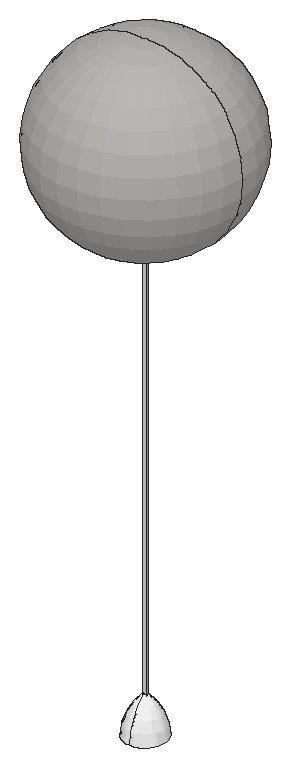
Revit family "Patera 450", category Lighting Fixtures, host Face, Revit 2015
Parameters
  Width = 0 mm
  Weight (Kg) = 0
  Wattage = 96 W
  built-in parameter 1150110 = 1 (stored number, unit not read)
  Voltage (US Only) = 0 V
  Trim and Accessories = ""
  built-in parameter 1114217 = 1 (stored number, unit not read)
  Tilt Angle = -90.00°
  built-in parameter 1150109 = 1 (stored number, unit not read)
  built-in parameter 1150134 = 3
  Suspension Height [instance] = 1000 mm
  built-in parameter 1150113 = 1 (stored number, unit not read)
  Reflector Finish = none
  Product Documentation Link = ""
  Product Code = "x"
  Product Category = "Pendant"
  Power Factor (US Only) = 0
  Photometric Web File = "generic"
  Option = ""
  Number of Poles (US Only) = 0
  built-in parameter 1150142 = (empty or 0)
  Manufacturer = "Louis Poulsen Lighting"
  built-in parameter 1150105 = 267.38 (stored number, unit not read)
  Lumens = 3360 lm
  built-in parameter 1150115 = 1 (stored number, unit not read)
  Lighting Technique = ""
  built-in parameter 1150137 = (empty or 0)
  built-in parameter 1150139 = (empty or 0)
  Length = 0 mm
  built-in parameter 1150112 = 1 (stored number, unit not read)
  built-in parameter 1150114 = 1 (stored number, unit not read)
  Lamp = "x"
  Insulation Class (Not US) = ""
  built-in parameter 1150132 = 2
  built-in parameter 1150102 = (empty or 0)
  built-in parameter 1150107 = 3200 (stored number, unit not read)
  built-in parameter 1150138 = (empty or 0)
  built-in parameter 1150106 = 2.6738 (stored number, unit not read)
  IP (Not US) = ""
  IK (Not US - Outdoor only) = ""
  Height = 0 mm
  Efficiency (Lm/W) = ""
  built-in parameter 1150104 = 3.2516 (stored number, unit not read)
  Drawn By = "Louis Poulsen Lighting"
  Dimming Lamp Color Temperature Shift = <None>
  Designer = ""
  Description = "x"
  Default Elevation = 1000 mm
  Cut-off = "N/A"
  Color Filter = 16777215
  CRI = ""
  Build-in height = ""
  Bug Rating (US Outdoor Only) = "N/A"
  Body Finish = none
  built-in parameter 1114218 = 1 (stored number, unit not read)
  built-in parameter 1150133 = 10 (stored number, unit not read)
Reference planes
  plane 1 "Center (Front/Back)": y = 0
  plane 2: z = 0
  plane 3 "Center (Left/Right)": x = 0
  plane 4 "Suspension height Ref Level": z = 1000
Forms (mm)
  Revolve 1, solid, material "Louis Poulsen - WHT - 062"
    sketch origin (0, 0, 0) x (1, 0, 0) y (0, 0, 1)
      loop
        line (6.498, 1001.697) -> (6.498, 1151.305)
        arc (6.498, 1151.305) -> (5.748, 1152.055) -> (4.998, 1151.305) r 0.75
        line (4.998, 1151.305) -> (4.998, 1001.697)
        arc (4.998, 1001.697) -> (5.748, 1001.327) -> (6.498, 1001.697) r 0.945
      loop
        line (6.498, 1000.997) -> (4.758, 1000.997) -> (4.251, 1011.714) -> (4.251, 1000.997)
        arc (4.251, 1000.997) -> (5.375, 999.874) -> (6.498, 1000.997) r 1.123
      axis (0, 1000.997) -> (0, 1151.305)
    angle from 0 to 360
  Revolve 2, solid, material "Louis Poulsen Patera"
    sketch origin (0, 0, 0) x (1, 0, 0) y (0, 0, 1)
      loop
        arc (6.587, 1010) -> (224.993, 1225.464) -> (0, 1434.04) r 212.257
        line (0, 1434.04) -> (0, 1431.034)
        arc (0, 1431.034) -> (221.993, 1225.464) -> (6.587, 1013.001) r 209.257
        line (6.587, 1013.001) -> (6.587, 1010)
      axis (0, 1434.04) -> (0, 1010)
    angle from 0 to 360
  Extrusion 3, solid
    sketch origin (0, 0, 0) x (1, 0, 0) y (0, 1, 0)
      loop
        circle (0, 0) r 4
    from 0 to 1000
  Revolve 4, solid, material "louis Poulsen Baldakin hvid"
    sketch origin (0, 0, 0) x (0, 1, 0) y (0, 0, 1)
      loop
        arc (-4.234, 87.07) -> (-33.813, 47.834) -> (-45.049, 0) r 119.179
        line (-45.049, 0) -> (-44.049, 0)
        arc (-44.049, 0) -> (-33.088, 47.024) -> (-4.234, 85.739) r 118.179
        line (-4.234, 85.739) -> (-4.234, 87.07)
      axis (0, 87.07) -> (0, 0)
    angle from 0 to 360
Dimensions and locks
  "Suspension Height": plane 4 "Suspension height Ref Level" to level
  locked: imposter light to plane 4 "Suspension height Ref Level" at 609.507
  aligned and locked: plane 2 to host face
  aligned and locked: level to host face
  aligned and locked: plane 4 "Suspension height Ref Level" to Extrusion 3
Automatic sketch dimensions
  host sketch curve to host sketch curve = 645.307 mm
  host sketch curve to host sketch curve = 641.33 mm
  Revolve 1 sketch curve to plane 3 "Center (Left/Right)" = 0 mm
  plane 4 "Suspension height Ref Level" to Revolve 1 sketch curve = 0.997 mm
  plane 3 "Center (Left/Right)" to Revolve 1 sketch curve = 4.251 mm
  Revolve 1 sketch curve to Revolve 1 sketch curve = 0.747 mm
  Revolve 1 sketch curve to Revolve 1 sketch curve = 0.377 mm
  Revolve 1 sketch curve to Revolve 1 sketch curve = 0.75 mm  (x2)
  Revolve 1 sketch curve to Revolve 1 sketch curve = 0.7 mm
  Revolve 1 sketch curve to Revolve 1 sketch curve = 0.574 mm
  Revolve 1 sketch curve to Revolve 1 sketch curve = 149.034 mm
  Revolve 1 sketch curve to Revolve 1 sketch curve = 0.507 mm
  Revolve 1 sketch curve to plane 4 "Suspension height Ref Level" = 2.965 mm
  Revolve 1 sketch curve to Revolve 1 sketch curve = 9.443 mm
  Revolve 1 sketch curve to Revolve 1 sketch curve = 20.73 mm
  plane 1 "Center (Front/Back)" to Extrusion 3 sketch curve = 0 mm
  Extrusion 3 sketch curve to plane 3 "Center (Left/Right)" = 0 mm
  Revolve 4 sketch curve to Revolve 4 sketch curve = 0 mm  (x2)
  Revolve 4 sketch curve to level = 0 mm
  Revolve 4 sketch curve to plane 1 "Center (Front/Back)" = 0 mm
  plane 1 "Center (Front/Back)" to Revolve 4 sketch curve = 4.234 mm
  plane 1 "Center (Front/Back)" to Revolve 4 sketch curve = 44.049 mm
  Revolve 4 sketch curve to Revolve 4 sketch curve = 1 mm
  Revolve 4 sketch curve to level = 2.75 mm
  Revolve 4 sketch curve to plane 1 "Center (Front/Back)" = 74.098 mm
  Revolve 4 sketch curve to level = 10.936 mm
  Revolve 4 sketch curve to Revolve 4 sketch curve = 4.188 mm
  Revolve 2 sketch curve to Revolve 2 sketch curve = 0 mm  (x2)
  Revolve 2 sketch curve to plane 3 "Center (Left/Right)" = 0 mm  (x2)
  plane 3 "Center (Left/Right)" to Revolve 2 sketch curve = 6.587 mm
  plane 3 "Center (Left/Right)" to Revolve 2 sketch curve = 12.762 mm
  plane 4 "Suspension height Ref Level" to Revolve 2 sketch curve = 10 mm
  Revolve 2 sketch curve to Revolve 2 sketch curve = 3.001 mm
  Revolve 2 sketch curve to Revolve 2 sketch curve = 209.166 mm
  Revolve 2 sketch curve to plane 4 "Suspension height Ref Level" = 41.085 mm
  Revolve 2 sketch curve to Revolve 2 sketch curve = 4.875 mm
  radius of Extrusion 3 sketch curve = 4 mm
Nested families
  nested 1: "LP-Revit-Annotation" at (0, 0, 0), type "LP-Revit-Annotation"
Connectors
  electrical at (0, 0, 0)
    settings: index 1, voltage 0 V, apparent load 0 VA, apparent load phase1 0 VA, apparent load phase2 0 VA, apparent load phase3 0 VA, power factor 1, load classification "Other", number of poles 1, system type 31, power factor state 1, is connector primary yes, connector utility no, sub classification motor no, connector description ""
Definition of nested family "LP-Revit-Annotation"
  Reference planes
    plane 1: y = 0
    plane 2: x = 0
  Lines and regions (mm)
    detail lines
      curve 1: circle (0, 0, 0) r 2.5 normal (0, 0, 1)
      curve 2: line (-1.768, -1.768, 0) -> (1.768, 1.768, 0)
      curve 3: line (-1.768, 1.768, 0) -> (1.768, -1.768, 0)
  Dimensions and locks
    radius of curve 1 = 2.5 mm
